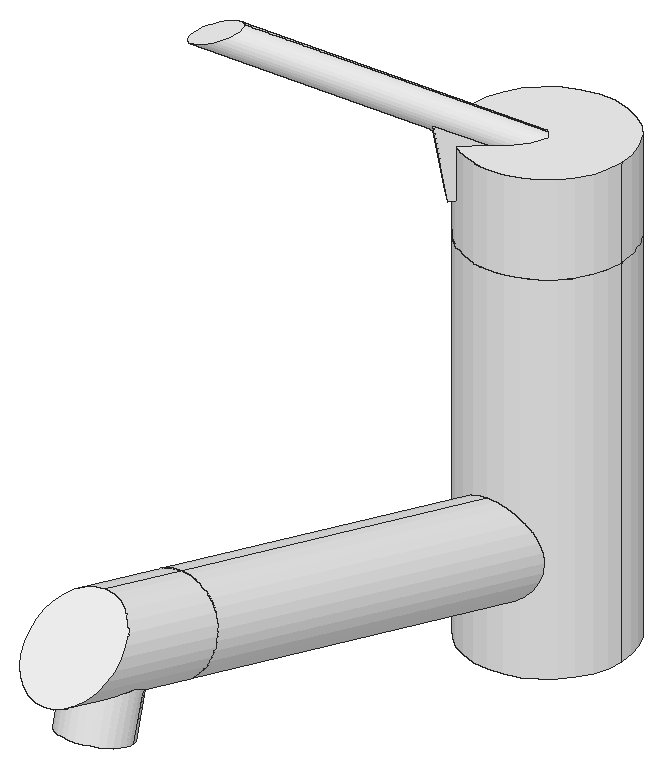
Revit family
Parameters
  Material Tap = Metal - Chrome Polished
  Manufacturer = "Revit"
Reference planes
  plane 1 "Center (Front/Back)": y = 0
  plane 2: z = 0
  plane 3 "Center (Left/Right)": x = 0
  plane 4: z = 50
  plane 5: z = 150
  plane 6: through (0, 12.063, 45.018) normal (0, -0.2588, -0.9659)
  plane 7 "1": through (0, 0, 0) normal (-0.7071, 0.7071, 0)
Forms (mm)
  Extrusion 1, solid, material "Metal - Chrome Polished" <- "Material Tap"
    sketch origin (0, 0, 0) x (1, 0, 0) y (0, 1, 0)
      loop
        circle (0, 0) r 25
    from 0 to 120
  Extrusion 2, solid, material "Metal - Chrome Polished" <- "Material Tap"
    sketch origin (0, 0, 120) x (1, 0, 0) y (0, 1, 0)
      loop
        circle (0, 0) r 25
    from 0 to 30
  Sweep 3, solid, material "Metal - Chrome Polished" <- "Material Tap"
    path origin (0, 0, 0) x (0, 1, 0) y (0, 0, 1)
      loop
        line (-2.778, 48.995) -> (-152.496, 89.112)
    profile origin (0, -89.7, 24.035) x (0, -0.258819, -0.965926) y (1, 0, 0)
      loop
        circle (-28.318, 0) r 15
  Sweep 4, solid, material "Metal - Chrome Polished" <- "Material Tap"
    path origin (0, 49.046, -13.142) x (0, 1, 0) y (0, 0, 1)
      loop
        line (-201.542, 102.254) -> (-254.668, 116.489)
    profile origin (0, -191.122, 51.211) x (0, -0.258819, -0.965926) y (1, 0, 0)
      loop
        circle (-28.318, 0) r 15
  Extrusion 5, void
    sketch origin (0, 0, 0) x (0, -1, 0) y (0, 0, 1)
      loop
        line (178.114, 101.407) -> (229.501, 53.176) -> (227.923, 102.986) -> (178.114, 101.407)
    from -54.803 to 30
  Extrusion 6, solid, material "Metal - Chrome Polished" <- "Material Tap"
    sketch origin (0, 68.104, 30.002) x (0, -0.965926, 0.258819) y (-1, 0, 0)
      loop
        circle (255.217, 0) r 11
    from 22.434 to 44.667
  Sweep 7, solid, material "Metal - Chrome Polished" <- "Material Tap"
    path origin (0, 0, 0) x (-0.707107, -0.707107, 0) y (0, 0, 1)
      loop
        line (1.612, 146.811) -> (92.243, 189.073)
    profile origin (-72.741, -72.741, 47.97) x (0.298836, 0.298836, 0.906308) y (-0.707107, 0.707107, 0)
      loop
        circle (131.377, 0) r 5
  Extrusion 8, solid, material "Metal - Chrome Polished" <- "Material Tap"
    sketch origin (0, 0, 0) x (-0.707107, -0.707107, 0) y (0, 0, 1)
      loop
        line (30.984, 158.177) -> (9.675, 150.421) -> (9.675, 133.671) -> (26.663, 133.671) -> (30.984, 158.177)
    from -4.433 to 4.388
  Extrusion 9, void
    sketch origin (0, 0, 0) x (0.707107, 0.707107, 0) y (0, 0, 1)
      loop
        line (-99.984, 182.242) -> (-73.884, 189.236) -> (-99.984, 198.735) -> (-99.984, 182.242)
    from -20.858 to 30
Cuts and joins
  Extrusion 5, Extrusion 9 cuts Extrusion 1
  Extrusion 5, Extrusion 9 cuts Sweep 3
  joined: Extrusion 1, Sweep 3
  Extrusion 5, Extrusion 9 cuts Extrusion 2
  Extrusion 9 cuts Sweep 7
  Extrusion 9 cuts Extrusion 8
  joined: Extrusion 2, Sweep 7, Extrusion 8
  Extrusion 5, Extrusion 9 cuts Sweep 4
  Extrusion 9 cuts Extrusion 6
  joined: Sweep 4, Extrusion 6
Dimensions and locks
  aligned and locked: Sweep 3 sketch curve to plane 6
  aligned and locked: Sweep 4 sketch curve to plane 6
